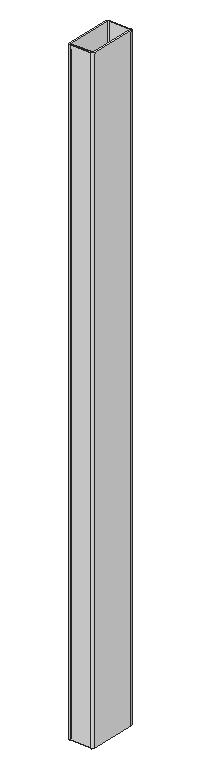
Revit family "STC_A3-RHS-Rectangular-Hollow-Section-Column", category Structural Columns, Revit 2016
Family settings
  Section Shape = Not Defined
  Material for Model Behavior = Steel
  Always export as geometry = No
  Beam cutback in plan = From bounding box
  Cut with Voids When Loaded = No
  Symbolic Representation = From Project Settings
  Shared = No
  Show family pre-cut in plan views = Yes
Parameters (values of type "200x100xRHS Rectangular Hollow")
  Structural Material [instance] = Metal - Steel - 345 MPa
  A = 28.70 m²
  Ix = 0
  M = 22.6
  Zx = 0
  b = 100 mm
  h = 200 mm
  tr = 2 * t  # 10 mm
  t = 5 mm
Reference planes
  plane 1 "Center (Front/Back)": y = 0
  plane 2: z = 0
  plane 3 "Center (Left/Right)": x = 0
  plane 4: x = -50
  plane 5: x = 50
  plane 6: y = 100
  plane 7: y = -100
  plane 8: x = -40
  plane 9: y = -90
  plane 10: y = 90
  plane 11: x = 40
Forms (mm)
  Extrusion 1, solid, material "Metal - Steel - 345 MPa" <- "Structural Material", detail levels medium
    sketch origin (0, 0, 0) x (1, 0, 0) y (0, 1, 0)
      loop
        line (-50, 100) -> (-50, -100) -> (50, -100) -> (50, 100) -> (-50, 100)
      loop
        line (-45, 95) -> (-45, -95) -> (45, -95) -> (45, 95) -> (-45, 95)
    from 0 to 2500
  Extrusion 2, solid, material "Metal - Steel - 345 MPa" <- "Structural Material", detail levels fine
    sketch origin (0, 0, 0) x (1, 0, 0) y (0, 1, 0)
      loop
        arc (-40, 100) -> (-47.071, 97.071) -> (-50, 90) r 10
        line (-50, 90) -> (-50, -90)
        arc (-50, -90) -> (-47.071, -97.071) -> (-40, -100) r 10
        line (-40, -100) -> (40, -100)
        arc (40, -100) -> (47.071, -97.071) -> (50, -90) r 10
        line (50, -90) -> (50, 90)
        arc (50, 90) -> (47.071, 97.071) -> (40, 100) r 10
        line (40, 100) -> (-40, 100)
      loop
        arc (-40, 95) -> (-43.536, 93.536) -> (-45, 90) r 5
        line (-45, 90) -> (-45, -90)
        arc (-45, -90) -> (-43.536, -93.536) -> (-40, -95) r 5
        line (-40, -95) -> (40, -95)
        arc (40, -95) -> (43.536, -93.536) -> (45, -90) r 5
        line (45, -90) -> (45, 90)
        arc (45, 90) -> (43.536, 93.536) -> (40, 95) r 5
        line (40, 95) -> (-40, 95)
    from 0 to 2500
Lines and regions (mm)
  symbolic lines, style "StructuralColumnStickSymbols", detail levels coarse
    curve 1: line (-50, 100, 0) -> (50, 100, 0)
    curve 2: line (-50, -100, 0) -> (50, -100, 0)
    curve 5: line (-50, 100, 0) -> (-50, -100, 0)
    curve 6: line (50, 100, 0) -> (50, -100, 0)
  symbolic lines, style "Hidden Faces", detail levels medium+fine
    curve 3: line (-45, 0, 0) -> (-45, 0, 2500)
    curve 4: line (45, 0, 2500) -> (45, 0, 0)
Dimensions and locks
  equal spacing: plane 4, plane 3 "Center (Left/Right)", plane 5
  equal spacing: plane 7, plane 1 "Center (Front/Back)", plane 6
  "h": plane 7 to plane 6
  "b": plane 4 to plane 5
  "t": Extrusion 1 sketch curve to plane 5
  "t": plane 4 to Extrusion 1 sketch curve
  "t": Extrusion 1 sketch curve to plane 6
  "t": Extrusion 1 sketch curve to plane 7
  "t": Extrusion 2 sketch curve to plane 6
  "t": Extrusion 2 sketch curve to plane 5
  "t": plane 4 to Extrusion 2 sketch curve
  "t": Extrusion 2 sketch curve to plane 7
  "tr": plane 10 to plane 6
  "tr": plane 7 to plane 9
  "tr": plane 11 to plane 5
  "tr": plane 4 to plane 8
  aligned and locked: plane 6 to Extrusion 1 sketch curve
  aligned and locked: Extrusion 1 sketch curve to plane 7
  aligned and locked: Extrusion 1 sketch curve to plane 4
  aligned and locked: plane 5 to Extrusion 1 sketch curve
  aligned and locked: level to Extrusion 1
  aligned and locked: level to plane 2
  aligned and locked: Extrusion 1 to plane 2
  aligned and locked: curve 1 to Extrusion 2 sketch curve
  aligned and locked: Extrusion 2 sketch curve to Extrusion 1
  aligned and locked: level to Extrusion 2
  aligned and locked: curve 4 to Extrusion 2
  aligned and locked: curve 3 to Extrusion 2
Automatic sketch dimensions
  Extrusion 2 sketch curve to plane 8 = 0 mm  (x4)
  Extrusion 2 sketch curve to plane 7 = 0 mm
  Extrusion 2 sketch curve to plane 11 = 0 mm
  Extrusion 2 sketch curve to plane 10 = 0 mm  (x2)
  Extrusion 2 sketch curve to plane 9 = 0 mm  (x2)
  curve 3 to level = 0 mm  (x2)
  curve 4 to level = 0 mm  (x2)
  curve 5 to plane 4 = 0 mm
  curve 2 to plane 5 = 0 mm
  curve 5 to plane 7 = 0 mm
  curve 5 to plane 6 = 0 mm
